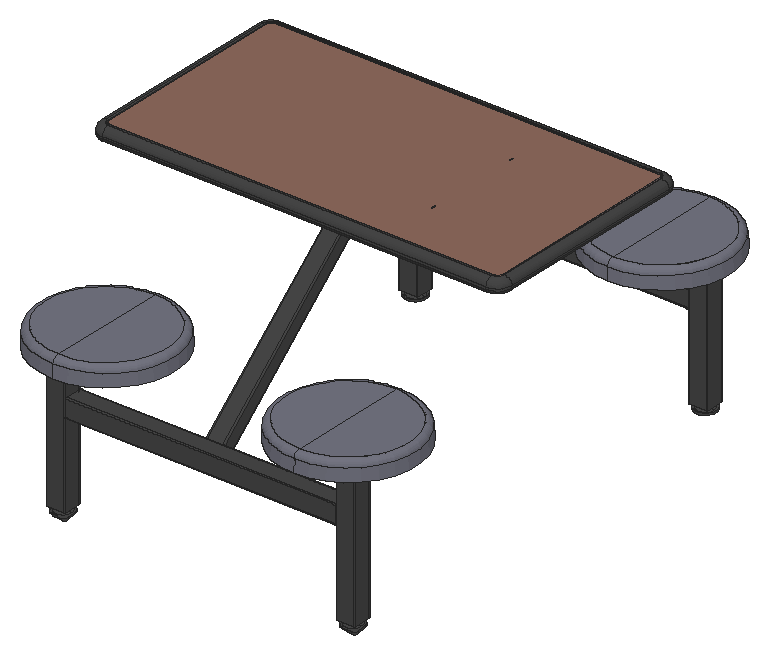
Revit family "Plymold-Essentials-Jupiter-4_Seat_Rectangular-Button", category Furniture, Revit 2021
Family settings
  OmniClass Number = 23.40.20.00
  OmniClass Title = General Furniture and Specialties
  Work Plane-Based = No
  Always vertical = Yes
  Cut with Voids When Loaded = No
  Shared = No
  Room Calculation Point = No
Parameters (values of type "JURE004DEBU")
  Width = 44"
  VE = no
  URL = "https://plymold.com/"
  Type Comments = "Button"  # constant formula
  Top Finish = PLY - Wood Mahogany
  TPD = no
  Sustainability = "https://plymold.com/plymolds-sustainability-efforts/"
  Support Finish = PLY - Onyx Black Powdercoat
  Seat Finish = PLY - Plastic Blue
  Revit File Built By = "https://servex-us.com/servex-revit/"
  Product Documentation Link = "https://plymold.com/product/jupiter-4-seat-rectangular-unit/"
  PVC = no
  Model = "JURE004DEBU"
  Manufacturer = "Plymold"  # constant formula
  Keynote = "12500"  # constant formula
  Height = 29 3/4"
  Hadware Finish = PLY - Onyx Black Powdercoat
  Glide Finish = PLY - Plastic Black
  Edge Finish = PLY - Plastic Black
  Description = "4 Seat Island Unit - Jupiter® Cluster w/Bullnose Dur-A-Edge® Table Top Unit - 44\"W x 50.5\"D x 29.75\"H"
  Depth = 57"
  Default Elevation = 0"
  DE = yes
  Base Finish = PLY - Onyx Black Powdercoat
  Assembly Code = "E2020200"
Reference planes (in)
  plane 1 "Center Front/Back": y = 0
  plane 2: z = 0
  plane 3 "Center Left/Right": x = 0
  plane 4: x = -22
  plane 5: x = 22
  plane 6: y = 28.5
  plane 7: y = -28.5
  plane 8: z = 29.75
Dimensions and locks (in)
  equal spacing: plane 4, plane 3 "Center Left/Right", plane 5
  "Width": plane 4 to plane 5
  equal spacing: plane 7, plane 1 "Center Front/Back", plane 6
  "Depth": plane 7 to plane 6
  "Height": plane 8 to plane 2
  aligned and locked: level to plane 2
  aligned and locked: plane 1 "Center Front/Back" to nested 1
  aligned and locked: plane 3 "Center Left/Right" to nested 1
  aligned and locked: plane 3 "Center Left/Right" to nested 2
  aligned and locked: plane 1 "Center Front/Back" to nested 2
  aligned and locked: nested 3 to nested 2  (x2)
  aligned and locked: nested 2 to nested 3
  aligned and locked: nested 4 to nested 2
  aligned and locked: nested 5 to nested 2
  aligned and locked: nested 2 to nested 6
  aligned and locked: nested 6 to nested 2
Nested families (in)
  nested 1: "PLM-Cafeteria_Top" at (0, 0, 29.75), DE <- "DE", TPD <- "TPD", VE <- "VE", Edge Finish <- "Edge Finish", Top Finish <- "Top Finish", PVC <- "PVC", type "PLM-Cafeteria_Top"
    with W 44", VE-void 1/8", VE no, Top Finish PLY - Wood Mahogany, TPD-void 1/8", TPD no, PVC-void 1/8", PVC no, Edge Finish PLY - Plastic Black, DE-void 1 3/4", DE yes, D 24"
  nested 2: "Base-4_Saet" at (0, 0, 0), Base Finish <- "Base Finish", Glides Finish <- "Glide Finish", Support Finish <- "Support Finish", type "Base-4_Saet"
    with Support Finish PLY - Onyx Black Powdercoat, Glides Finish PLY - Plastic Black, Base Finish PLY - Onyx Black Powdercoat
  nested 3: "Seat_Button" at (12.88574, -20.94766, 15.875), Hardware Finish <- "Hadware Finish", Seat Finish <- "Seat Finish", type "Seat_Button"
    with Seat Finish PLY - Plastic Blue, Hardware Finish PLY - Onyx Black Powdercoat
  nested 4: "Seat_Button" at (-12.88574, -20.94766, 15.875) x (-1, 0, 0) z (0, 0, 1), Hardware Finish <- "Hadware Finish", Seat Finish <- "Seat Finish", type "Seat_Button"
    with Seat Finish PLY - Plastic Blue, Hardware Finish PLY - Onyx Black Powdercoat
  nested 5: "Seat_Button" at (12.88574, 20.94766, 15.875), Hardware Finish <- "Hadware Finish", Seat Finish <- "Seat Finish", type "Seat_Button"
    with Seat Finish PLY - Plastic Blue, Hardware Finish PLY - Onyx Black Powdercoat
  nested 6: "Seat_Button" at (-12.88574, 20.94766, 15.875) x (-1, 0, 0) z (0, 0, 1), Hardware Finish <- "Hadware Finish", Seat Finish <- "Seat Finish", type "Seat_Button"
    with Seat Finish PLY - Plastic Blue, Hardware Finish PLY - Onyx Black Powdercoat
Definition of nested family "PLM-Cafeteria_Top"
  Parameters (values of type "PLM-Cafeteria_Top")
    W [instance] = 80"
    VE-void [instance] = if(VE, 1 3/4", 1/8")  # 1/8"
    VE [instance] = no
    Top Finish [instance] = none
    TPD-void [instance] = if(TPD, 1 3/4", 1/8")  # 1/8"
    TPD [instance] = no
    Revit Model Built By = "https://servex-us.com/servex-revit/"
    PVC-void [instance] = if(PVC, 1 3/4", 1/8")  # 1/8"
    PVC [instance] = no
    DE-void [instance] = if(DE, 1 3/4", 1/8")  # 1 3/4"
    DE [instance] = yes
    Edge Finish [instance] = none
    Default Elevation = 0"
    D [instance] = 30"
  Reference planes (in)
    plane 1 "Center (Front/Back)": y = 0
    plane 2: z = 0
    plane 3 "Center (Left/Right)": x = 0
    plane 4: x = -40
    plane 5: x = 40
    plane 6: y = 15
    plane 7: y = -15
    plane 8: z = -1.25
    plane 9: z = -1.5
  Forms (in)
    Extrusion 1, solid, material <- "Top Finish"
      sketch origin (0, 0, 0) x (1, 0, 0) y (0, 1, 0)
        loop
          line (-40, 15) -> (-40, -15) -> (40, -15) -> (40, 15) -> (-40, 15)
      from -1.25 to 0
    Sweep 2, solid, material <- "Edge Finish", visible <- "VE"
      path origin (0, 0, 0) x (1, 0, 0) y (0, 1, 0)
        loop
          arc (-36.75, 15) -> (-39.0481, 14.0481) -> (-40, 11.75) r 3.25
          line (-40, 11.75) -> (-40, -11.75)
          arc (-40, -11.75) -> (-39.0481, -14.0481) -> (-36.75, -15) r 3.25
          line (-36.75, -15) -> (36.75, -15)
          arc (36.75, -15) -> (39.0481, -14.0481) -> (40, -11.75) r 3.25
          line (40, -11.75) -> (40, 11.75)
          arc (40, 11.75) -> (39.0481, 14.0481) -> (36.75, 15) r 3.25
          line (36.75, 15) -> (-36.75, 15)
      profile origin (0, 15, 0) x (0, 1, 0) y (0, 0, 1)
        loop
          line (-0.25, 0) -> (-0.25, -1.25)
          arc (-0.25, -1.25) -> (0, -0.625) -> (-0.25, 0) r 0.90625
    Sweep 3, solid, material <- "Edge Finish", visible <- "TPD"
      path origin (0, 0, 0) x (1, 0, 0) y (0, 1, 0)
        loop
          arc (-39.5625, 15) -> (-39.87186, 14.87186) -> (-40, 14.5625) r 0.4375
          line (-40, 14.5625) -> (-40, -14.5625)
          arc (-40, -14.5625) -> (-39.87186, -14.87186) -> (-39.5625, -15) r 0.4375
          line (-39.5625, -15) -> (39.5625, -15)
          arc (39.5625, -15) -> (39.87186, -14.87186) -> (40, -14.5625) r 0.4375
          line (40, -14.5625) -> (40, 14.5625)
          arc (40, 14.5625) -> (39.87186, 14.87186) -> (39.5625, 15) r 0.4375
          line (39.5625, 15) -> (-39.5625, 15)
      profile origin (0, 15, 0) x (0, 1, 0) y (0, 0, 1)
        loop
          line (-0.1875, 0) -> (-0.1875, -1.25)
          arc (-0.1875, -1.25) -> (-0.05539, -1.19996) -> (0, -1.07) r 0.18015
          line (0, -1.07) -> (0, -0.18)
          arc (0, -0.18) -> (-0.05539, -0.05004) -> (-0.1875, 0) r 0.18015
    Extrusion 4, void
      sketch origin (0, 25.31884, -1.5) x (0, 1, 0) y (-1, 0, 0)
        loop
          line (-10.75634, 39.8125) -> (-39.88134, 39.8125)
          arc (-39.88134, 39.8125) -> (-40.05812, 39.73928) -> (-40.13134, 39.5625) r 0.25
          line (-40.13134, 39.5625) -> (-40.13134, -39.5625)
          arc (-40.13134, -39.5625) -> (-40.05812, -39.73928) -> (-39.88134, -39.8125) r 0.25
          line (-39.88134, -39.8125) -> (-10.75634, -39.8125)
          arc (-10.75634, -39.8125) -> (-10.57957, -39.73928) -> (-10.50634, -39.5625) r 0.25
          line (-10.50634, -39.5625) -> (-10.50634, 39.5625)
          arc (-10.50634, 39.5625) -> (-10.57957, 39.73928) -> (-10.75634, 39.8125) r 0.25
        loop
          line (-10.19384, 40.3125) -> (-40.63134, 40.3125) -> (-40.63134, -40.3125) -> (-10.19384, -40.3125) -> (-10.19384, 40.3125)
      from 0 to 0.125 <- "TPD-void"
    Extrusion 5, void
      sketch origin (0, 25.31884, -1.5) x (0, 1, 0) y (-1, 0, 0)
        loop
          line (-13.56884, 39.75) -> (-37.06884, 39.75)
          arc (-37.06884, 39.75) -> (-39.19016, 38.87132) -> (-40.06884, 36.75) r 3
          line (-40.06884, 36.75) -> (-40.06884, -36.75)
          arc (-40.06884, -36.75) -> (-39.19016, -38.87132) -> (-37.06884, -39.75) r 3
          line (-37.06884, -39.75) -> (-13.56884, -39.75)
          arc (-13.56884, -39.75) -> (-11.44752, -38.87132) -> (-10.56884, -36.75) r 3
          line (-10.56884, -36.75) -> (-10.56884, 36.75)
          arc (-10.56884, 36.75) -> (-11.44752, 38.87132) -> (-13.56884, 39.75) r 3
        loop
          line (-9.81884, 40.5) -> (-40.81884, 40.5) -> (-40.81884, -40.5) -> (-9.81884, -40.5) -> (-9.81884, 40.5)
      from 0 to 0.125 <- "VE-void"
    Sweep 6, solid, material <- "Edge Finish", visible <- "DE"
      path origin (0, 25.31884, -1.5) x (0, 1, 0) y (-1, 0, 0)
        loop
          arc (-10.31884, 38.5) -> (-10.75818, 39.56066) -> (-11.81884, 40) r 1.5
          line (-11.81884, 40) -> (-38.81884, 40)
          arc (-38.81884, 40) -> (-39.8795, 39.56066) -> (-40.31884, 38.5) r 1.5
          line (-40.31884, 38.5) -> (-40.31884, -38.5)
          arc (-40.31884, -38.5) -> (-39.8795, -39.56066) -> (-38.81884, -40) r 1.5
          line (-38.81884, -40) -> (-11.81884, -40)
          arc (-11.81884, -40) -> (-10.75818, -39.56066) -> (-10.31884, -38.5) r 1.5
          line (-10.31884, -38.5) -> (-10.31884, 38.5)
      profile origin (0, 15, -1.5) x (0, 1, 0) y (0, 0, 1)
        loop
          arc (0, 0.75) -> (-0.21967, 1.28033) -> (-0.75, 1.5) r 0.75
          line (-0.75, 1.5) -> (-0.94, 1.5) -> (-0.94, 0.25) -> (-0.25, 0.25)
          arc (-0.25, 0.25) -> (-0.07322, 0.32322) -> (0, 0.5) r 0.25
          line (0, 0.5) -> (0, 0.75)
    Extrusion 7, void
      sketch origin (0, 25.31884, -1.5) x (0, 1, 0) y (-1, 0, 0)
        loop
          line (-9.81884, 40.5) -> (-40.81884, 40.5) -> (-40.81884, -40.5) -> (-9.81884, -40.5) -> (-9.81884, 40.5)
        loop
          line (-11.81884, 39.06) -> (-38.81884, 39.06)
          arc (-38.81884, 39.06) -> (-39.21482, 38.89598) -> (-39.37884, 38.5) r 0.56
          line (-39.37884, 38.5) -> (-39.37884, -38.5)
          arc (-39.37884, -38.5) -> (-39.21482, -38.89598) -> (-38.81884, -39.06) r 0.56
          line (-38.81884, -39.06) -> (-11.81884, -39.06)
          arc (-11.81884, -39.06) -> (-11.42286, -38.89598) -> (-11.25884, -38.5) r 0.56
          line (-11.25884, -38.5) -> (-11.25884, 38.5)
          arc (-11.25884, 38.5) -> (-11.42286, 38.89598) -> (-11.81884, 39.06) r 0.56
      from 0 to 1.75 <- "DE-void"
    Sweep 8, solid, material <- "Edge Finish", visible <- "PVC"
      path origin (130, 0, 0) x (1, 0, 0) y (0, 1, 0)
        loop
          arc (-169.5625, 15) -> (-169.87186, 14.87186) -> (-170, 14.5625) r 0.4375
          line (-170, 14.5625) -> (-170, -14.5625)
          arc (-170, -14.5625) -> (-169.87186, -14.87186) -> (-169.5625, -15) r 0.4375
          line (-169.5625, -15) -> (-90.4375, -15)
          arc (-90.4375, -15) -> (-90.12814, -14.87186) -> (-90, -14.5625) r 0.4375
          line (-90, -14.5625) -> (-90, 14.5625)
          arc (-90, 14.5625) -> (-90.12814, 14.87186) -> (-90.4375, 15) r 0.4375
          line (-90.4375, 15) -> (-169.5625, 15)
      profile origin (0, 15, 0) x (0, 1, 0) y (0, 0, 1)
        loop
          line (-0.08, 0) -> (-0.08, -1.25)
          arc (-0.08, -1.25) -> (-0.02412, -1.23315) -> (0, -1.18) r 0.07063
          line (0, -1.18) -> (0, -0.07)
          arc (0, -0.07) -> (-0.02412, -0.01685) -> (-0.08, 0) r 0.07062
    Extrusion 9, void
      sketch origin (0, 25.31884, -1.5) x (0, 1, 0) y (-1, 0, 0)
        loop
          line (-10.75634, 39.92) -> (-39.88134, 39.92)
          arc (-39.88134, 39.92) -> (-40.13413, 39.81529) -> (-40.23884, 39.5625) r 0.3575
          line (-40.23884, 39.5625) -> (-40.23884, -39.5625)
          arc (-40.23884, -39.5625) -> (-40.13413, -39.81529) -> (-39.88134, -39.92) r 0.3575
          line (-39.88134, -39.92) -> (-10.75634, -39.92)
          arc (-10.75634, -39.92) -> (-10.50355, -39.81529) -> (-10.39884, -39.5625) r 0.3575
          line (-10.39884, -39.5625) -> (-10.39884, 39.5625)
          arc (-10.39884, 39.5625) -> (-10.50355, 39.81529) -> (-10.75634, 39.92) r 0.3575
        loop
          line (-10.08634, 40.3125) -> (-40.63134, 40.3125) -> (-40.63134, -40.3125) -> (-10.08634, -40.3125) -> (-10.08634, 40.3125)
      from 0 to 0.125 <- "PVC-void"
  Cuts and joins
    Extrusion 4, Extrusion 5, Extrusion 7, Extrusion 9 cuts Extrusion 1
  Lines and regions (in)
    symbolic lines, visible <- "TPD"
      curve 1: line (-39.5625, 15, -1.5) -> (39.5625, 15, -1.5)
      curve 2: line (-40, -14.5625, -1.5) -> (-40, 14.5625, -1.5)
      curve 3: line (39.5625, -15, -1.5) -> (-39.5625, -15, -1.5)
      curve 4: line (40, 14.5625, -1.5) -> (40, -14.5625, -1.5)
      curve 5: arc (-40, 14.5625, -1.5) -> (-39.87186, 14.87186, -1.5) -> (-39.5625, 15, -1.5) r 0.4375
      curve 6: arc (39.5625, 15, -1.5) -> (39.87186, 14.87186, -1.5) -> (40, 14.5625, -1.5) r 0.4375
      curve 7: arc (40, -14.5625, -1.5) -> (39.87186, -14.87186, -1.5) -> (39.5625, -15, -1.5) r 0.4375
      curve 8: arc (-39.5625, -15, -1.5) -> (-39.87186, -14.87186, -1.5) -> (-40, -14.5625, -1.5) r 0.4375
    symbolic lines, visible <- "DE"
      curve 9: line (38.5, 15, -1.5) -> (-38.5, 15, -1.5)
      curve 10: line (40, -13.5, -1.5) -> (40, 13.5, -1.5)
      curve 11: line (-38.5, -15, -1.5) -> (38.5, -15, -1.5)
      curve 12: line (-40, 13.5, -1.5) -> (-40, -13.5, -1.5)
      curve 13: arc (-38.5, 15, -1.5) -> (-39.56066, 14.56066, -1.5) -> (-40, 13.5, -1.5) r 1.5
      curve 14: arc (38.5, 15, -1.5) -> (39.56066, 14.56066, -1.5) -> (40, 13.5, -1.5) r 1.5
      curve 15: arc (40, -13.5, -1.5) -> (39.56066, -14.56066, -1.5) -> (38.5, -15, -1.5) r 1.5
      curve 16: arc (-38.5, -15, -1.5) -> (-39.56066, -14.56066, -1.5) -> (-40, -13.5, -1.5) r 1.5
    symbolic lines, visible <- "VE"
      curve 17: line (-36.75, 15, -1.5) -> (36.75, 15, -1.5)
      curve 18: line (-40, -11.75, -1.5) -> (-40, 11.75, -1.5)
      curve 19: line (36.75, -15, -1.5) -> (-36.75, -15, -1.5)
      curve 20: line (40, 11.75, -1.5) -> (40, -11.75, -1.5)
      curve 21: arc (-40, 11.75, -1.5) -> (-39.0481, 14.0481, -1.5) -> (-36.75, 15, -1.5) r 3.25
      curve 22: arc (36.75, 15, -1.5) -> (39.0481, 14.0481, -1.5) -> (40, 11.75, -1.5) r 3.25
      curve 23: arc (40, -11.75, -1.5) -> (39.0481, -14.0481, -1.5) -> (36.75, -15, -1.5) r 3.25
      curve 24: arc (-36.75, -15, -1.5) -> (-39.0481, -14.0481, -1.5) -> (-40, -11.75, -1.5) r 3.25
    symbolic lines, visible <- "PVC"
      curve 25: line (-39.5625, 15, -1.5) -> (39.5625, 15, -1.5)
      curve 26: line (-40, -14.5625, -1.5) -> (-40, 14.5625, -1.5)
      curve 27: line (39.5625, -15, -1.5) -> (-39.5625, -15, -1.5)
      curve 28: line (40, 14.5625, -1.5) -> (40, -14.5625, -1.5)
      curve 29: arc (-40, 14.5625, -1.5) -> (-39.87186, 14.87186, -1.5) -> (-39.5625, 15, -1.5) r 0.4375
      curve 30: arc (39.5625, 15, -1.5) -> (39.87186, 14.87186, -1.5) -> (40, 14.5625, -1.5) r 0.4375
      curve 31: arc (40, -14.5625, -1.5) -> (39.87186, -14.87186, -1.5) -> (39.5625, -15, -1.5) r 0.4375
      curve 32: arc (-39.5625, -15, -1.5) -> (-39.87186, -14.87186, -1.5) -> (-40, -14.5625, -1.5) r 0.4375
  Dimensions and locks (in)
    equal spacing: plane 4, plane 3 "Center (Left/Right)", plane 5
    equal spacing: plane 6, plane 1 "Center (Front/Back)", plane 7
    "D": plane 6 to plane 7
    "W": plane 4 to plane 5
    locked: profile plane to Sweep 2 sketch curve at 0.90625
    locked: plane 2 to plane 8 at 1.25
    locked: plane 4 to Sweep 3 sketch curve at 0.4375  (x2)
    locked: Sweep 3 sketch curve to plane 5 at 0.4375  (x2)
    locked: plane 2 to Sweep 3 sketch curve at 0.18
    locked: Sweep 3 sketch curve to plane 8 at 0.18
    locked: plane 6 to Sweep 3 sketch curve at 0.1875
    locked: plane 8 to plane 9 at 0.25
    locked: plane 4 to Extrusion 4 sketch curve at 0.4375  (x2)
    locked: Extrusion 4 sketch curve to plane 5 at 0.4375  (x2)
    locked: plane 4 to Extrusion 4 sketch curve at 0.1875
    locked: plane 6 to Extrusion 4 sketch curve at 0.1875
    locked: Extrusion 4 sketch curve to plane 7 at 0.1875
    locked: Extrusion 4 sketch curve to plane 5 at 0.1875
    locked: Extrusion 4 sketch curve to plane 4 at 0.3125
    locked: plane 5 to Extrusion 4 sketch curve at 0.3125
    Extrusion 4 sketch curve to plane 6 = 1/8"
    locked: plane 7 to Extrusion 4 sketch curve at 0.3125
    locked: Extrusion 4 sketch curve to Extrusion 4 sketch curve at 0.3125
    locked: Extrusion 5 sketch curve to plane 7 at 0.25
    locked: Extrusion 5 sketch curve to plane 5 at 0.25
    locked: plane 6 to Extrusion 5 sketch curve at 0.25
    locked: Extrusion 5 sketch curve to plane 4 at 0.5
    locked: plane 7 to Extrusion 5 sketch curve at 0.5
    locked: plane 5 to Extrusion 5 sketch curve at 0.5
    locked: Extrusion 7 sketch curve to plane 4 at 0.5
    locked: plane 5 to Extrusion 7 sketch curve at 0.5
    locked: plane 7 to Extrusion 7 sketch curve at 0.5
    locked: Extrusion 7 sketch curve to plane 6 at 0.5
    locked: plane 4 to Sweep 2 sketch curve at 3.25  (x2)
    locked: Sweep 2 sketch curve to plane 5 at 3.25  (x2)
    locked: plane 4 to Extrusion 5 sketch curve at 3.25
    locked: Extrusion 5 sketch curve to plane 5 at 3.25  (x2)
    plane 4 to Extrusion 5 sketch curve = 3 1/4"
    locked: plane 4 to Sweep 6 sketch curve at 1.5  (x2)
    locked: Sweep 6 sketch curve to plane 5 at 1.5  (x2)
    locked: plane 2 to Sweep 6 sketch curve at 0.75
    locked: Sweep 6 sketch curve to plane 8 at 0.25
    locked: plane 6 to Sweep 6 sketch curve at 0.75
    locked: plane 6 to Sweep 6 sketch curve at 0.94
    locked: plane 4 to curve 5 at 0.4375
    locked: plane 4 to curve 8 at 0.4375
    locked: curve 8 to plane 7 at 0.4375
    locked: plane 6 to curve 5 at 0.4375
    locked: curve 6 to plane 5 at 0.4375
    locked: curve 7 to plane 5 at 0.4375
    locked: curve 7 to plane 7 at 0.4375
    locked: plane 6 to curve 6 at 0.4375
    locked: curve 15 to plane 5 at 1.5
    locked: curve 15 to plane 7 at 1.5
    locked: plane 6 to curve 14 at 1.5
    locked: curve 14 to plane 5 at 1.5
    locked: plane 4 to curve 13 at 1.5
    locked: plane 6 to curve 13 at 1.5
    locked: curve 16 to plane 7 at 1.5
    locked: plane 4 to curve 16 at 1.5
    locked: plane 4 to curve 21 at 3.25
    locked: plane 6 to curve 21 at 3.25
    locked: curve 24 to plane 7 at 3.25
    locked: plane 4 to curve 24 at 3.25
    locked: curve 23 to plane 5 at 3.25
    locked: curve 23 to plane 7 at 3.25
    locked: plane 6 to curve 22 at 3.25
    locked: curve 22 to plane 5 at 3.25
    locked: plane 2 to Sweep 8 sketch curve at 0.07
    locked: Sweep 8 sketch curve to plane 8 at 0.07
    locked: Extrusion 9 sketch curve to Extrusion 9 sketch curve at 0.3125
    locked: plane 4 to Extrusion 9 sketch curve at 0.08
    locked: Extrusion 9 sketch curve to plane 4 at 0.3125
    locked: Extrusion 9 sketch curve to plane 7 at 0.08
    locked: plane 7 to Extrusion 9 sketch curve at 0.3125
    locked: Extrusion 9 sketch curve to plane 5 at 0.08
    locked: plane 5 to Extrusion 9 sketch curve at 0.3125
    locked: plane 6 to Extrusion 9 sketch curve at 0.08
    Extrusion 9 sketch curve to plane 6 = 0.2325"
    aligned and locked: plane 2 to level
    aligned and locked: Sweep 2 sketch curve to plane 6
    aligned and locked: plane 4 to Sweep 2 sketch curve
    aligned and locked: plane 7 to Sweep 2 sketch curve
    aligned and locked: Sweep 2 sketch curve to plane 5
    aligned and locked: profile plane to Sweep 2 sketch curve
    aligned and locked: plane 8 to Sweep 2 sketch curve
    aligned and locked: plane 2 to Extrusion 1
    aligned and locked: Extrusion 1 to plane 8
    aligned and locked: plane 9 to Extrusion 4
    aligned and locked: plane 9 to Extrusion 5
    aligned and locked: Sweep 6 sketch curve to plane 6
    aligned and locked: plane 4 to Sweep 6 sketch curve
    aligned and locked: plane 7 to Sweep 6 sketch curve
    aligned and locked: Sweep 6 sketch curve to plane 5
    aligned and locked: plane 9 to Extrusion 7
    aligned and locked: Extrusion 5 sketch curve to Sweep 2
    aligned and locked: Extrusion 7 sketch curve to Sweep 6  (x4)
    aligned and locked: plane 4 to curve 2
    aligned and locked: plane 6 to curve 9
    aligned and locked: plane 5 to curve 10
    aligned and locked: curve 11 to plane 7
    aligned and locked: curve 12 to plane 4
    aligned and locked: curve 17 to plane 6
    aligned and locked: plane 4 to curve 18
    aligned and locked: plane 7 to curve 19
    aligned and locked: curve 20 to plane 5
    aligned and locked: plane 4 to Sweep 8 sketch curve
    aligned and locked: Sweep 8 sketch curve to plane 5
    aligned and locked: Sweep 8 sketch curve to plane 6
    aligned and locked: plane 7 to Sweep 8 sketch curve
    aligned and locked: plane 9 to Extrusion 9
    aligned and locked: curve 25 to plane 6
    aligned and locked: plane 7 to curve 27
    aligned and locked: curve 28 to plane 5
  Automatic sketch dimensions
    Extrusion 1 sketch curve to plane 4 = 0"
    Extrusion 1 sketch curve to plane 5 = 0"
    Extrusion 1 sketch curve to plane 7 = 0"
    Extrusion 1 sketch curve to plane 6 = 0"
    profile plane to Sweep 2 sketch curve = 1/4"
    Sweep 3 sketch curve to plane 4 = 0"
    Sweep 3 sketch curve to plane 5 = 0"
    Sweep 3 sketch curve to plane 7 = 0"
    Sweep 3 sketch curve to plane 6 = 0"
    plane 6 to Extrusion 5 sketch curve = 1/2"
    plane 4 to Sweep 8 sketch curve = 7/16"  (x2)
    Sweep 8 sketch curve to Sweep 8 sketch curve = 7/16"
    Sweep 8 sketch curve to plane 5 = 7/16"
    Extrusion 9 sketch curve to Extrusion 9 sketch curve = 0.3575"
    plane 7 to Extrusion 9 sketch curve = 7/16"
    Extrusion 9 sketch curve to plane 6 = 7/16"  (x2)
    Sweep 3 sketch curve to profile plane = 0"
    Sweep 3 sketch curve to plane 2 = 0"
    Sweep 3 sketch curve to Sweep 3 sketch curve = 0.00735"
    Sweep 6 sketch curve to profile plane = 0"
    plane 9 to Sweep 6 sketch curve = 1/4"
    Sweep 8 sketch curve to plane 2 = 0"
    Sweep 8 sketch curve to profile plane = 0"
    Sweep 8 sketch curve to Sweep 8 sketch curve = 0.07062"
    Sweep 8 sketch curve to Sweep 8 sketch curve = 0.00937"
Definition of nested family "Base-4_Saet"
  Parameters (values of type "Base-4_Saet")
    Top Thickness = 1 1/4"
    Support Finish [instance] = none
    H = 29 3/4"
    Glides Finish [instance] = none
    Default Elevation = 0"
    Cap Finish = none
    Base Finish [instance] = none
  Reference planes (in)
    plane 1 "Center (Front/Back)": y = 0
    plane 2: z = 0
    plane 3 "Center (Left/Right)": x = 0
    plane 4: z = 28.5
    plane 5: z = 11.625
    plane 6: z = 9.625
    plane 7: z = 15.625
    plane 8: z = 15.875
    plane 9: x = -16.5
    plane 10: x = 16.5
    plane 11: y = -22.56342
    plane 12: y = -24.56342
    plane 13: y = 22.56342
    plane 14: y = 24.56342
    plane 15: x = -1
    plane 16: x = 1
    plane 17: y = -20.94766
    plane 18: z = 29.75
    plane 19: x = 12.88574
    plane 20: y = -20.94766
    plane 21: x = -12.88574
    plane 22: y = 20.94766
    plane 23: x = -12.88574
    plane 24: y = 20.94766
    plane 25: x = 12.88574
  Forms (in)
    Extrusion 1, solid, material <- "Base Finish"
      sketch origin (0, 0, 15.875) x (1, 0, 0) y (0, 1, 0)
        loop
          arc (-16.39844, 24.56342) -> (-16.47025, 24.53367) -> (-16.5, 24.46186) r 0.10156
          line (-16.5, 24.46186) -> (-16.5, 22.66327)
          arc (-16.5, 22.66327) -> (-16.47075, 22.59266) -> (-16.40015, 22.56342) r 0.09985
          line (-16.40015, 22.56342) -> (-14.5997, 22.56342)
          arc (-14.5997, 22.56342) -> (-14.5292, 22.59262) -> (-14.5, 22.66312) r 0.0997
          line (-14.5, 22.66312) -> (-14.5, 24.46327)
          arc (-14.5, 24.46327) -> (-14.52933, 24.53408) -> (-14.60015, 24.56342) r 0.10015
          line (-14.60015, 24.56342) -> (-16.39844, 24.56342)
        loop
          line (16.39844, 24.56342) -> (14.60015, 24.56342)
          arc (14.60015, 24.56342) -> (14.52933, 24.53408) -> (14.5, 24.46327) r 0.10015
          line (14.5, 24.46327) -> (14.5, 22.66312)
          arc (14.5, 22.66312) -> (14.5292, 22.59262) -> (14.5997, 22.56342) r 0.0997
          line (14.5997, 22.56342) -> (16.40015, 22.56342)
          arc (16.40015, 22.56342) -> (16.47075, 22.59266) -> (16.5, 22.66327) r 0.09985
          line (16.5, 22.66327) -> (16.5, 24.46186)
          arc (16.5, 24.46186) -> (16.47025, 24.53367) -> (16.39844, 24.56342) r 0.10156
        loop
          line (-16.39844, -24.56342) -> (-14.60015, -24.56342)
          arc (-14.60015, -24.56342) -> (-14.52933, -24.53408) -> (-14.5, -24.46327) r 0.10015
          line (-14.5, -24.46327) -> (-14.5, -22.66312)
          arc (-14.5, -22.66312) -> (-14.5292, -22.59262) -> (-14.5997, -22.56342) r 0.0997
          line (-14.5997, -22.56342) -> (-16.40015, -22.56342)
          arc (-16.40015, -22.56342) -> (-16.47075, -22.59266) -> (-16.5, -22.66327) r 0.09985
          line (-16.5, -22.66327) -> (-16.5, -24.46186)
          arc (-16.5, -24.46186) -> (-16.47025, -24.53367) -> (-16.39844, -24.56342) r 0.10156
        loop
          arc (16.39844, -24.56342) -> (16.47025, -24.53367) -> (16.5, -24.46186) r 0.10156
          line (16.5, -24.46186) -> (16.5, -22.66327)
          arc (16.5, -22.66327) -> (16.47075, -22.59266) -> (16.40015, -22.56342) r 0.09985
          line (16.40015, -22.56342) -> (14.5997, -22.56342)
          arc (14.5997, -22.56342) -> (14.5292, -22.59262) -> (14.5, -22.66312) r 0.0997
          line (14.5, -22.66312) -> (14.5, -24.46327)
          arc (14.5, -24.46327) -> (14.52933, -24.53408) -> (14.60015, -24.56342) r 0.10015
          line (14.60015, -24.56342) -> (16.39844, -24.56342)
      from -15.312 to -0.25
    Extrusion 2, solid, material <- "Base Finish"
      sketch origin (0, 0, 0) x (0, 1, 0) y (0, 0, 1)
        loop
          line (24.46375, 11.625) -> (22.66498, 11.625)
          arc (22.66498, 11.625) -> (22.59317, 11.59525) -> (22.56342, 11.52344) r 0.10156
          line (22.56342, 11.52344) -> (22.56342, 9.72656)
          arc (22.56342, 9.72656) -> (22.59317, 9.65475) -> (22.66498, 9.625) r 0.10156
          line (22.66498, 9.625) -> (24.46186, 9.625)
          arc (24.46186, 9.625) -> (24.53367, 9.65475) -> (24.56342, 9.72656) r 0.10156
          line (24.56342, 9.72656) -> (24.56342, 11.52533)
          arc (24.56342, 11.52533) -> (24.53423, 11.59581) -> (24.46375, 11.625) r 0.09967
        loop
          arc (-24.46375, 11.625) -> (-24.53423, 11.59581) -> (-24.56342, 11.52533) r 0.09967
          line (-24.56342, 11.52533) -> (-24.56342, 9.72656)
          arc (-24.56342, 9.72656) -> (-24.53367, 9.65475) -> (-24.46186, 9.625) r 0.10156
          line (-24.46186, 9.625) -> (-22.66498, 9.625)
          arc (-22.66498, 9.625) -> (-22.59317, 9.65475) -> (-22.56342, 9.72656) r 0.10156
          line (-22.56342, 9.72656) -> (-22.56342, 11.52344)
          arc (-22.56342, 11.52344) -> (-22.59317, 11.59525) -> (-22.66498, 11.625) r 0.10156
          line (-22.66498, 11.625) -> (-24.46375, 11.625)
      from -14.5 to 14.5
    Blend 3, solid, material <- "Base Finish"
      base sketch origin (0, 0, 0) x (1, 0, 0) y (0, 0, 1)
        loop
          arc (-0.81831, 11.625) -> (-0.94678, 11.57178) -> (-1, 11.44331) r 0.18169
          line (-1, 11.44331) -> (-1, 9.81)
          arc (-1, 9.81) -> (-0.94582, 9.67918) -> (-0.815, 9.625) r 0.185
          line (-0.815, 9.625) -> (0.815, 9.625)
          arc (0.815, 9.625) -> (0.94582, 9.67918) -> (1, 9.81) r 0.185
          line (1, 9.81) -> (1, 11.44331)
          arc (1, 11.44331) -> (0.94678, 11.57178) -> (0.81831, 11.625) r 0.18169
          line (0.81831, 11.625) -> (-0.81831, 11.625)
      top sketch origin (0, 0, 0) x (1, 0, 0) y (0, 0, 1)
        loop
          arc (-0.81831, 28.3655) -> (-0.94678, 28.31228) -> (-1, 28.18381) r 0.18169
          line (-1, 28.18381) -> (-1, 26.55211)
          arc (-1, 26.55211) -> (-0.94582, 26.4213) -> (-0.815, 26.36711) r 0.185
          line (-0.815, 26.36711) -> (0.81649, 26.36711)
          arc (0.81649, 26.36711) -> (0.94625, 26.42086) -> (1, 26.55062) r 0.18351
          line (1, 26.55062) -> (1, 28.1822)
          arc (1, 28.1822) -> (0.94631, 28.31181) -> (0.8167, 28.3655) r 0.1833
          line (0.8167, 28.3655) -> (-0.81831, 28.3655)
      from 22.56342 to 3.1345
    Blend 4, solid, material <- "Base Finish"
      base sketch origin (0, -28, 0) x (1, 0, 0) y (0, 0, 1)
        loop
          arc (-0.81831, 11.625) -> (-0.94678, 11.57178) -> (-1, 11.44331) r 0.18169
          line (-1, 11.44331) -> (-1, 9.81)
          arc (-1, 9.81) -> (-0.94582, 9.67918) -> (-0.815, 9.625) r 0.185
          line (-0.815, 9.625) -> (0.81649, 9.625)
          arc (0.81649, 9.625) -> (0.94625, 9.67875) -> (1, 9.80851) r 0.18351
          line (1, 9.80851) -> (1, 11.44331)
          arc (1, 11.44331) -> (0.94678, 11.57178) -> (0.81831, 11.625) r 0.18169
          line (0.81831, 11.625) -> (-0.81831, 11.625)
      top sketch origin (0, -28, 0) x (1, 0, 0) y (0, 0, 1)
        loop
          arc (-0.81831, 28.3655) -> (-0.94678, 28.31228) -> (-1, 28.18381) r 0.18169
          line (-1, 28.18381) -> (-1, 26.55211)
          arc (-1, 26.55211) -> (-0.94582, 26.4213) -> (-0.815, 26.36711) r 0.185
          line (-0.815, 26.36711) -> (0.815, 26.36711)
          arc (0.815, 26.36711) -> (0.94582, 26.4213) -> (1, 26.55211) r 0.185
          line (1, 26.55211) -> (1, 28.18381)
          arc (1, 28.18381) -> (0.94678, 28.31228) -> (0.81831, 28.3655) r 0.18169
          line (0.81831, 28.3655) -> (-0.81831, 28.3655)
      from -50.56342 to -31.1345
    Extrusion 5, solid, material <- "Support Finish"
      sketch origin (0, 0, 0) x (1, 0, 0) y (0, 0, 1)
        loop
          arc (-3.56213, 27.643) -> (-3.69497, 27.58797) -> (-3.75, 27.45513) r 0.18787
          line (-3.75, 27.45513) -> (-3.75, 26.33018)
          arc (-3.75, 26.33018) -> (-3.69518, 26.19782) -> (-3.56282, 26.143) r 0.18718
          line (-3.56282, 26.143) -> (-2.43607, 26.143)
          arc (-2.43607, 26.143) -> (-2.3045, 26.1975) -> (-2.25, 26.32907) r 0.18607
          line (-2.25, 26.32907) -> (-2.25, 27.45786)
          arc (-2.25, 27.45786) -> (-2.30423, 27.58877) -> (-2.43514, 27.643) r 0.18514
          line (-2.43514, 27.643) -> (-3.56213, 27.643)
        loop
          line (3.56213, 27.643) -> (2.43514, 27.643)
          arc (2.43514, 27.643) -> (2.30423, 27.58877) -> (2.25, 27.45786) r 0.18514
          line (2.25, 27.45786) -> (2.25, 26.32907)
          arc (2.25, 26.32907) -> (2.3045, 26.1975) -> (2.43607, 26.143) r 0.18607
          line (2.43607, 26.143) -> (3.56282, 26.143)
          arc (3.56282, 26.143) -> (3.69518, 26.19782) -> (3.75, 26.33018) r 0.18718
          line (3.75, 26.33018) -> (3.75, 27.45513)
          arc (3.75, 27.45513) -> (3.69497, 27.58797) -> (3.56213, 27.643) r 0.18787
      from -3 to 3
    Extrusion 6, solid, material <- "Support Finish"
      sketch origin (27.125, -0.06084, 0) x (-1, 0, 0) y (0, -1, 0)
        loop
          line (12.95559, 19.23032) -> (15.52294, 19.23032)
          arc (15.52294, 19.23032) -> (15.78786, 19.34006) -> (15.8976, 19.60498) r 0.37466
          line (15.8976, 19.60498) -> (15.8976, 22.16867)
          arc (15.8976, 22.16867) -> (15.86907, 22.3121) -> (15.78782, 22.43369) r 0.37479
          line (15.78782, 22.43369) -> (15.44367, 22.77785)
          arc (15.44367, 22.77785) -> (15.28244, 22.87269) -> (15.09544, 22.87725) r 0.37268
          arc (15.09544, 22.87725) -> (14.75103, 22.88565) -> (14.45408, 23.06032) r 0.68639
          line (14.45408, 23.06032) -> (14.30964, 23.20477)
          arc (14.30964, 23.20477) -> (14.18136, 23.38243) -> (14.11551, 23.59142) r 0.6875
          line (14.11551, 23.59142) -> (14.04527, 24.07169)
          arc (14.04527, 24.07169) -> (14.00951, 24.18518) -> (13.93985, 24.28166) r 0.37334
          line (13.93985, 24.28166) -> (13.57445, 24.64706)
          arc (13.57445, 24.64706) -> (13.45609, 24.72615) -> (13.31648, 24.75392) r 0.36482
          line (13.31648, 24.75392) -> (10.74836, 24.75392)
          arc (10.74836, 24.75392) -> (10.48365, 24.64427) -> (10.374, 24.37955) r 0.37436
          line (10.374, 24.37955) -> (10.374, 21.81566)
          arc (10.374, 21.81566) -> (10.40255, 21.67215) -> (10.48383, 21.55049) r 0.375
          line (10.48383, 21.55049) -> (10.84587, 21.18845)
          arc (10.84587, 21.18845) -> (10.94278, 21.11849) -> (11.05678, 21.08257) r 0.375
          line (11.05678, 21.08257) -> (11.5365, 21.01241)
          arc (11.5365, 21.01241) -> (11.74549, 20.94656) -> (11.92315, 20.81828) r 0.6875
          line (11.92315, 20.81828) -> (12.0674, 20.67403)
          arc (12.0674, 20.67403) -> (12.2418, 20.37827) -> (12.25126, 20.03504) r 0.68688
          arc (12.25126, 20.03504) -> (12.25649, 19.84503) -> (12.35305, 19.68128) r 0.38027
          line (12.35305, 19.68128) -> (12.69682, 19.33751)
          arc (12.69682, 19.33751) -> (12.81555, 19.25818) -> (12.95559, 19.23032) r 0.36596
      from 15.625 to 15.875
    Extrusion 7, solid, material <- "Support Finish"
      sketch origin (27.125, 0.06084, 0) x (-1, 0, 0) y (0, -1, 0)
        loop
          arc (12.95559, -19.23032) -> (12.81555, -19.25818) -> (12.69682, -19.33751) r 0.36596
          line (12.69682, -19.33751) -> (12.35305, -19.68128)
          arc (12.35305, -19.68128) -> (12.25649, -19.84503) -> (12.25126, -20.03504) r 0.38027
          arc (12.25126, -20.03504) -> (12.2418, -20.37827) -> (12.0674, -20.67403) r 0.68688
          line (12.0674, -20.67403) -> (11.92315, -20.81828)
          arc (11.92315, -20.81828) -> (11.74549, -20.94656) -> (11.5365, -21.01241) r 0.6875
          line (11.5365, -21.01241) -> (11.05678, -21.08257)
          arc (11.05678, -21.08257) -> (10.94278, -21.11849) -> (10.84587, -21.18845) r 0.375
          line (10.84587, -21.18845) -> (10.48383, -21.55049)
          arc (10.48383, -21.55049) -> (10.40255, -21.67215) -> (10.374, -21.81566) r 0.375
          line (10.374, -21.81566) -> (10.374, -24.37955)
          arc (10.374, -24.37955) -> (10.48365, -24.64427) -> (10.74836, -24.75392) r 0.37436
          line (10.74836, -24.75392) -> (13.31648, -24.75392)
          arc (13.31648, -24.75392) -> (13.45609, -24.72615) -> (13.57445, -24.64706) r 0.36482
          line (13.57445, -24.64706) -> (13.93985, -24.28166)
          arc (13.93985, -24.28166) -> (14.00951, -24.18518) -> (14.04527, -24.07169) r 0.37334
          line (14.04527, -24.07169) -> (14.11551, -23.59142)
          arc (14.11551, -23.59142) -> (14.18136, -23.38243) -> (14.30964, -23.20477) r 0.6875
          line (14.30964, -23.20477) -> (14.45408, -23.06032)
          arc (14.45408, -23.06032) -> (14.75103, -22.88565) -> (15.09544, -22.87725) r 0.68639
          arc (15.09544, -22.87725) -> (15.28244, -22.87269) -> (15.44367, -22.77785) r 0.37268
          line (15.44367, -22.77785) -> (15.78782, -22.43369)
          arc (15.78782, -22.43369) -> (15.86907, -22.3121) -> (15.8976, -22.16867) r 0.37479
          line (15.8976, -22.16867) -> (15.8976, -19.60498)
          arc (15.8976, -19.60498) -> (15.78786, -19.34006) -> (15.52294, -19.23032) r 0.37466
          line (15.52294, -19.23032) -> (12.95559, -19.23032)
      from 15.625 to 15.875
    Extrusion 8, solid, material <- "Support Finish"
      sketch origin (-27.125, -0.06084, 0) x (1, 0, 0) y (0, 1, 0)
        loop
          arc (12.95559, -19.23032) -> (12.81555, -19.25818) -> (12.69682, -19.33751) r 0.36596
          line (12.69682, -19.33751) -> (12.35305, -19.68128)
          arc (12.35305, -19.68128) -> (12.25649, -19.84503) -> (12.25126, -20.03504) r 0.38027
          arc (12.25126, -20.03504) -> (12.2418, -20.37827) -> (12.0674, -20.67403) r 0.68688
          line (12.0674, -20.67403) -> (11.92315, -20.81828)
          arc (11.92315, -20.81828) -> (11.74549, -20.94656) -> (11.5365, -21.01241) r 0.6875
          line (11.5365, -21.01241) -> (11.05678, -21.08257)
          arc (11.05678, -21.08257) -> (10.94278, -21.11849) -> (10.84587, -21.18845) r 0.375
          line (10.84587, -21.18845) -> (10.48383, -21.55049)
          arc (10.48383, -21.55049) -> (10.40255, -21.67215) -> (10.374, -21.81566) r 0.375
          line (10.374, -21.81566) -> (10.374, -24.37955)
          arc (10.374, -24.37955) -> (10.48365, -24.64427) -> (10.74836, -24.75392) r 0.37436
          line (10.74836, -24.75392) -> (13.31648, -24.75392)
          arc (13.31648, -24.75392) -> (13.45609, -24.72615) -> (13.57445, -24.64706) r 0.36482
          line (13.57445, -24.64706) -> (13.93985, -24.28166)
          arc (13.93985, -24.28166) -> (14.00951, -24.18518) -> (14.04527, -24.07169) r 0.37334
          line (14.04527, -24.07169) -> (14.11551, -23.59142)
          arc (14.11551, -23.59142) -> (14.18136, -23.38243) -> (14.30964, -23.20477) r 0.6875
          line (14.30964, -23.20477) -> (14.45408, -23.06032)
          arc (14.45408, -23.06032) -> (14.75103, -22.88565) -> (15.09544, -22.87725) r 0.68639
          arc (15.09544, -22.87725) -> (15.28244, -22.87269) -> (15.44367, -22.77785) r 0.37268
          line (15.44367, -22.77785) -> (15.78782, -22.43369)
          arc (15.78782, -22.43369) -> (15.86907, -22.3121) -> (15.8976, -22.16867) r 0.37479
          line (15.8976, -22.16867) -> (15.8976, -19.60498)
          arc (15.8976, -19.60498) -> (15.78786, -19.34006) -> (15.52294, -19.23032) r 0.37466
          line (15.52294, -19.23032) -> (12.95559, -19.23032)
      from 15.625 to 15.875
    Extrusion 9, solid, material <- "Support Finish"
      sketch origin (-27.125, 0.06084, 0) x (1, 0, 0) y (0, 1, 0)
        loop
          line (12.95559, 19.23032) -> (15.52294, 19.23032)
          arc (15.52294, 19.23032) -> (15.78786, 19.34006) -> (15.8976, 19.60498) r 0.37466
          line (15.8976, 19.60498) -> (15.8976, 22.16867)
          arc (15.8976, 22.16867) -> (15.86907, 22.3121) -> (15.78782, 22.43369) r 0.37479
          line (15.78782, 22.43369) -> (15.44367, 22.77785)
          arc (15.44367, 22.77785) -> (15.28244, 22.87269) -> (15.09544, 22.87725) r 0.37268
          arc (15.09544, 22.87725) -> (14.75103, 22.88565) -> (14.45408, 23.06032) r 0.68639
          line (14.45408, 23.06032) -> (14.30964, 23.20477)
          arc (14.30964, 23.20477) -> (14.18136, 23.38243) -> (14.11551, 23.59142) r 0.6875
          line (14.11551, 23.59142) -> (14.04527, 24.07169)
          arc (14.04527, 24.07169) -> (14.00951, 24.18518) -> (13.93985, 24.28166) r 0.37334
          line (13.93985, 24.28166) -> (13.57445, 24.64706)
          arc (13.57445, 24.64706) -> (13.45609, 24.72615) -> (13.31648, 24.75392) r 0.36482
          line (13.31648, 24.75392) -> (10.74836, 24.75392)
          arc (10.74836, 24.75392) -> (10.48365, 24.64427) -> (10.374, 24.37955) r 0.37436
          line (10.374, 24.37955) -> (10.374, 21.81566)
          arc (10.374, 21.81566) -> (10.40255, 21.67215) -> (10.48383, 21.55049) r 0.375
          line (10.48383, 21.55049) -> (10.84587, 21.18845)
          arc (10.84587, 21.18845) -> (10.94278, 21.11849) -> (11.05678, 21.08257) r 0.375
          line (11.05678, 21.08257) -> (11.5365, 21.01241)
          arc (11.5365, 21.01241) -> (11.74549, 20.94656) -> (11.92315, 20.81828) r 0.6875
          line (11.92315, 20.81828) -> (12.0674, 20.67403)
          arc (12.0674, 20.67403) -> (12.2418, 20.37827) -> (12.25126, 20.03504) r 0.68688
          arc (12.25126, 20.03504) -> (12.25649, 19.84503) -> (12.35305, 19.68128) r 0.38027
          line (12.35305, 19.68128) -> (12.69682, 19.33751)
          arc (12.69682, 19.33751) -> (12.81555, 19.25818) -> (12.95559, 19.23032) r 0.36596
      from 15.625 to 15.875
    Extrusion 10, solid, material <- "Glides Finish"
      sketch origin (-3.99916, -0.06077, 15.875) x (1, 0, 0) y (0, 1, 0)
        loop
          line (19.32723, -24.61465) -> (20.4222, -24.78425)
          arc (20.4222, -24.78425) -> (20.69281, -24.69581) -> (20.78125, -24.4252) r 0.3146
          line (20.78125, -24.4252) -> (20.61165, -23.33023)
          arc (20.61165, -23.33023) -> (18.70369, -22.70669) -> (19.32723, -24.61465) r 1.12543
      from -15.875 to -15.725
    Revolve 11, solid, material <- "Glides Finish"
      sketch origin (-3.99916, -23.56326, 0) x (1, 0, 0) y (0, 0, 1)
        loop
          line (19.31166, 0.5) -> (19.12511, 0.5)
          arc (19.12511, 0.5) -> (18.91806, 0.25836) -> (18.61886, 0.15) r 0.62492
          line (18.61886, 0.15) -> (19.49916, 0.15) -> (19.49916, 0.563) -> (19.31166, 0.563) -> (19.31166, 0.5)
        axis (19.49916, 0.563) -> (19.49916, 0.15)
      angle from 0 to 360
    Extrusion 12, solid, material <- "Glides Finish"
      sketch origin (3.99916, 0.06081, 15.875) x (-1, 0, 0) y (0, -1, 0)
        loop
          line (19.32723, -24.61465) -> (20.4222, -24.78425)
          arc (20.4222, -24.78425) -> (20.69281, -24.69581) -> (20.78125, -24.4252) r 0.3146
          line (20.78125, -24.4252) -> (20.61165, -23.33023)
          arc (20.61165, -23.33023) -> (18.70369, -22.70669) -> (19.32723, -24.61465) r 1.12543
      from -15.875 to -15.725
    Revolve 13, solid, material <- "Glides Finish"
      sketch origin (3.99916, 23.5633, 0) x (-1, 0, 0) y (0, 0, 1)
        loop
          line (19.49916, 0.563) -> (19.49916, 0.15) -> (20.37947, 0.15)
          arc (20.37947, 0.15) -> (20.08026, 0.25836) -> (19.87321, 0.5) r 0.62492
          line (19.87321, 0.5) -> (19.68666, 0.5) -> (19.68666, 0.563) -> (19.49916, 0.563)
        axis (19.49916, 0.563) -> (19.49916, 0.15)
      angle from 0 to 360
    Extrusion 14, solid, material <- "Glides Finish"
      sketch origin (-34.99862, -0.06269, 15.875) x (1, 0, 0) y (0, 1, 0)
        loop
          line (19.32723, -24.61465) -> (20.4222, -24.78425)
          arc (20.4222, -24.78425) -> (20.69281, -24.69581) -> (20.78125, -24.4252) r 0.3146
          line (20.78125, -24.4252) -> (20.61165, -23.33023)
          arc (20.61165, -23.33023) -> (18.70369, -22.70669) -> (19.32723, -24.61465) r 1.12543
      from -15.875 to -15.725
    Revolve 15, solid, material <- "Glides Finish"
      sketch origin (-34.99862, -23.56518, 0) x (1, 0, 0) y (0, 0, 1)
        loop
          line (19.31112, 0.5) -> (19.12457, 0.5)
          arc (19.12457, 0.5) -> (18.91752, 0.25836) -> (18.61832, 0.15) r 0.62492
          line (18.61832, 0.15) -> (19.49862, 0.15) -> (19.49862, 0.563) -> (19.31112, 0.563) -> (19.31112, 0.5)
        axis (19.49862, 0.563) -> (19.49862, 0.15)
      angle from 0 to 360
    Extrusion 16, solid, material <- "Glides Finish"
      sketch origin (34.99916, 0.06081, 15.875) x (-1, 0, 0) y (0, -1, 0)
        loop
          line (19.32723, -24.61465) -> (20.4222, -24.78425)
          arc (20.4222, -24.78425) -> (20.69281, -24.69581) -> (20.78125, -24.4252) r 0.3146
          line (20.78125, -24.4252) -> (20.61165, -23.33023)
          arc (20.61165, -23.33023) -> (18.70369, -22.70669) -> (19.32723, -24.61465) r 1.12543
      from -15.725 to -15.875
    Revolve 17, solid, material <- "Glides Finish"
      sketch origin (34.99916, 23.5633, 0) x (-1, 0, 0) y (0, 0, 1)
        loop
          line (19.68666, 0.5) -> (19.68666, 0.563) -> (19.49916, 0.563) -> (19.49916, 0.15) -> (20.37947, 0.15)
          arc (20.37947, 0.15) -> (20.08026, 0.25836) -> (19.87321, 0.5) r 0.62492
          line (19.87321, 0.5) -> (19.68666, 0.5)
        axis (19.49916, 0.563) -> (19.49916, 0.15)
      angle from 0 to 360
    Extrusion 18, solid, material <- "Support Finish"
      sketch origin (0, 0, 0) x (0, 1, 0) y (0, 0, 1)
        loop
          line (-5.85032, 28.04506) -> (-5.85032, 26.02547) -> (-3.1345, 28.3655) -> (-5.52988, 28.3655) -> (-5.85032, 28.04506)
      from 0.623 to 0.75
    Extrusion 19, solid, material <- "Support Finish"
      sketch origin (0, 0, 0) x (0, 1, 0) y (0, 0, 1)
        loop
          line (5.8507, 28.05551) -> (5.54071, 28.3655) -> (3.1345, 28.3655) -> (5.8507, 26.02515) -> (5.8507, 28.05551)
      from -0.75 to -0.623
    Extrusion 20, solid, material <- "Support Finish"
      sketch origin (0, 0, 0) x (0, 1, 0) y (0, 0, 1)
        loop
          line (7.22, 28.5) -> (3.28461, 28.5)
          arc (3.28461, 28.5) -> (3.08336, 28.41664) -> (3, 28.21539) r 0.28461
          line (3, 28.21539) -> (3, 26) -> (3.1345, 26) -> (3.1345, 28.21589)
          arc (3.1345, 28.21589) -> (3.17832, 28.32168) -> (3.28411, 28.3655) r 0.14961
          line (3.28411, 28.3655) -> (7.22, 28.3655) -> (7.22, 28.5)
        loop
          line (-7.22, 28.5) -> (-7.22, 28.3655) -> (-3.28411, 28.3655)
          arc (-3.28411, 28.3655) -> (-3.17832, 28.32168) -> (-3.1345, 28.21589) r 0.14961
          line (-3.1345, 28.21589) -> (-3.1345, 26) -> (-3, 26) -> (-3, 28.21539)
          arc (-3, 28.21539) -> (-3.08336, 28.41664) -> (-3.28461, 28.5) r 0.28461
          line (-3.28461, 28.5) -> (-7.22, 28.5)
      from -8 to 8
    Extrusion 21, void
      sketch origin (0, 0, 0) x (1, 0, 0) y (0, 0, 1)
        loop
          line (-8, 28.5) -> (-8, 26) -> (-5.03154, 26)
          arc (-5.03154, 26) -> (-5.21072, 26.03321) -> (-5.3661, 26.12843) r 0.5
          line (-5.3661, 26.12843) -> (-8, 28.5)
        loop
          line (8, 28.5) -> (5.3661, 26.12843)
          arc (5.3661, 26.12843) -> (5.21072, 26.03321) -> (5.03154, 26) r 0.5
          line (5.03154, 26) -> (8, 26) -> (8, 28.5)
      from -7.22 to 7.22
  Cuts and joins
    joined: Extrusion 10, Revolve 11
    joined: Extrusion 16, Revolve 17
    joined: Extrusion 12, Revolve 13
    joined: Extrusion 14, Revolve 15
    Extrusion 21 cuts Extrusion 20
  Lines and regions (in)
    symbolic lines, detail levels medium+fine
      curve 1: line (-16.5, 24.56342, 15.875) -> (16.5, 24.56342, 15.875)
      curve 2: line (-16.5, 22.56342, 15.875) -> (-16.5, 24.56342, 15.875)
      curve 3: line (16.5, 22.56342, 15.875) -> (-16.5, 22.56342, 15.875)
      curve 4: line (16.5, 24.56342, 15.875) -> (16.5, 22.56342, 15.875)
      curve 5: line (-1, 22.56342, 15.875) -> (-1, -22.56342, 15.875)
      curve 6: line (1, 22.56342, 15.875) -> (1, -22.56342, 15.875)
      curve 7: line (-16.5, -24.56342, 15.875) -> (16.5, -24.56342, 15.875)
      curve 8: line (-16.5, -22.56342, 15.875) -> (-16.5, -24.56342, 15.875)
      curve 9: line (16.5, -22.56342, 15.875) -> (-16.5, -22.56342, 15.875)
      curve 10: line (16.5, -24.56342, 15.875) -> (16.5, -22.56342, 15.875)
      curve 11: line (14.16941, -19.29116, 15.875) -> (11.60206, -19.29116, 15.875)
      curve 12: arc (11.60206, -19.29116, 15.875) -> (11.33714, -19.40089, 15.875) -> (11.2274, -19.66582, 15.875) r 0.37466
      curve 13: line (11.2274, -19.66582, 15.875) -> (11.2274, -22.22951, 15.875)
      curve 14: arc (11.2274, -22.22951, 15.875) -> (11.25593, -22.37293, 15.875) -> (11.33718, -22.49453, 15.875) r 0.37479
      curve 15: line (11.33718, -22.49453, 15.875) -> (11.68133, -22.83868, 15.875)
      curve 16: arc (11.68133, -22.83868, 15.875) -> (11.84256, -22.93352, 15.875) -> (12.02956, -22.93809, 15.875) r 0.37268
      curve 17: arc (12.02956, -22.93809, 15.875) -> (12.37397, -22.94648, 15.875) -> (12.67092, -23.12116, 15.875) r 0.68639
      curve 18: line (12.67092, -23.12116, 15.875) -> (12.81536, -23.26561, 15.875)
      curve 19: arc (12.81536, -23.26561, 15.875) -> (12.94364, -23.44327, 15.875) -> (13.00949, -23.65226, 15.875) r 0.6875
      curve 20: line (13.00949, -23.65226, 15.875) -> (13.07973, -24.13252, 15.875)
      curve 21: arc (13.07973, -24.13252, 15.875) -> (13.11549, -24.24602, 15.875) -> (13.18515, -24.3425, 15.875) r 0.37334
      curve 22: line (13.18515, -24.3425, 15.875) -> (13.55055, -24.7079, 15.875)
      curve 23: arc (13.55055, -24.7079, 15.875) -> (13.66891, -24.78699, 15.875) -> (13.80852, -24.81476, 15.875) r 0.36482
      curve 24: line (13.80852, -24.81476, 15.875) -> (16.37664, -24.81476, 15.875)
      curve 25: arc (16.37664, -24.81476, 15.875) -> (16.64135, -24.70511, 15.875) -> (16.751, -24.44039, 15.875) r 0.37436
      curve 26: line (16.751, -24.44039, 15.875) -> (16.751, -21.8765, 15.875)
      curve 27: arc (16.751, -21.8765, 15.875) -> (16.72245, -21.73299, 15.875) -> (16.64117, -21.61133, 15.875) r 0.375
      curve 28: line (16.64117, -21.61133, 15.875) -> (16.27913, -21.24929, 15.875)
      curve 29: arc (16.27913, -21.24929, 15.875) -> (16.18222, -21.17932, 15.875) -> (16.06822, -21.1434, 15.875) r 0.375
      curve 30: line (16.06822, -21.1434, 15.875) -> (15.5885, -21.07325, 15.875)
      curve 31: arc (15.5885, -21.07325, 15.875) -> (15.37951, -21.00739, 15.875) -> (15.20185, -20.87912, 15.875) r 0.6875
      curve 32: line (15.20185, -20.87912, 15.875) -> (15.0576, -20.73487, 15.875)
      curve 33: arc (15.0576, -20.73487, 15.875) -> (14.8832, -20.43911, 15.875) -> (14.87374, -20.09588, 15.875) r 0.68688
      curve 34: arc (14.87374, -20.09588, 15.875) -> (14.86851, -19.90586, 15.875) -> (14.77195, -19.74212, 15.875) r 0.38027
      curve 35: line (14.77195, -19.74212, 15.875) -> (14.42818, -19.39835, 15.875)
      curve 36: arc (14.42818, -19.39835, 15.875) -> (14.30945, -19.31902, 15.875) -> (14.16941, -19.29116, 15.875) r 0.36596
      curve 37: line (-11.60206, -19.29116, 15.875) -> (-14.16941, -19.29116, 15.875)
      curve 38: arc (-14.16941, -19.29116, 15.875) -> (-14.30945, -19.31902, 15.875) -> (-14.42818, -19.39835, 15.875) r 0.36596
      curve 39: line (-14.42818, -19.39835, 15.875) -> (-14.77195, -19.74212, 15.875)
      curve 40: arc (-14.77195, -19.74212, 15.875) -> (-14.86851, -19.90586, 15.875) -> (-14.87374, -20.09588, 15.875) r 0.38027
      curve 41: arc (-14.87374, -20.09588, 15.875) -> (-14.8832, -20.43911, 15.875) -> (-15.0576, -20.73487, 15.875) r 0.68688
      curve 42: line (-15.0576, -20.73487, 15.875) -> (-15.20185, -20.87912, 15.875)
      curve 43: arc (-15.20185, -20.87912, 15.875) -> (-15.37951, -21.00739, 15.875) -> (-15.5885, -21.07325, 15.875) r 0.6875
      curve 44: line (-15.5885, -21.07325, 15.875) -> (-16.06822, -21.1434, 15.875)
      curve 45: arc (-16.06822, -21.1434, 15.875) -> (-16.18222, -21.17932, 15.875) -> (-16.27913, -21.24929, 15.875) r 0.375
      curve 46: line (-16.27913, -21.24929, 15.875) -> (-16.64117, -21.61133, 15.875)
      curve 47: arc (-16.64117, -21.61133, 15.875) -> (-16.72245, -21.73299, 15.875) -> (-16.751, -21.8765, 15.875) r 0.375
      curve 48: line (-16.751, -21.8765, 15.875) -> (-16.751, -24.44039, 15.875)
      curve 49: arc (-16.751, -24.44039, 15.875) -> (-16.64135, -24.70511, 15.875) -> (-16.37664, -24.81476, 15.875) r 0.37436
      curve 50: line (-16.37664, -24.81476, 15.875) -> (-13.80852, -24.81476, 15.875)
      curve 51: arc (-13.80852, -24.81476, 15.875) -> (-13.66891, -24.78699, 15.875) -> (-13.55055, -24.7079, 15.875) r 0.36482
      curve 52: line (-13.55055, -24.7079, 15.875) -> (-13.18515, -24.3425, 15.875)
      curve 53: arc (-13.18515, -24.3425, 15.875) -> (-13.11549, -24.24602, 15.875) -> (-13.07973, -24.13252, 15.875) r 0.37334
      curve 54: line (-13.07973, -24.13252, 15.875) -> (-13.00949, -23.65226, 15.875)
      curve 55: arc (-13.00949, -23.65226, 15.875) -> (-12.94364, -23.44327, 15.875) -> (-12.81536, -23.26561, 15.875) r 0.6875
      curve 56: line (-12.81536, -23.26561, 15.875) -> (-12.67092, -23.12116, 15.875)
      curve 57: arc (-12.67092, -23.12116, 15.875) -> (-12.37397, -22.94648, 15.875) -> (-12.02956, -22.93809, 15.875) r 0.68639
      curve 58: arc (-12.02956, -22.93809, 15.875) -> (-11.84256, -22.93352, 15.875) -> (-11.68133, -22.83868, 15.875) r 0.37268
      curve 59: line (-11.68133, -22.83868, 15.875) -> (-11.33718, -22.49453, 15.875)
      curve 60: arc (-11.33718, -22.49453, 15.875) -> (-11.25593, -22.37293, 15.875) -> (-11.2274, -22.22951, 15.875) r 0.37479
      curve 61: line (-11.2274, -22.22951, 15.875) -> (-11.2274, -19.66582, 15.875)
      curve 62: arc (-11.2274, -19.66582, 15.875) -> (-11.33714, -19.40089, 15.875) -> (-11.60206, -19.29116, 15.875) r 0.37466
      curve 63: line (-14.16941, 19.29116, 15.875) -> (-11.60206, 19.29116, 15.875)
      curve 64: arc (-11.60206, 19.29116, 15.875) -> (-11.33714, 19.40089, 15.875) -> (-11.2274, 19.66582, 15.875) r 0.37466
      curve 65: line (-11.2274, 19.66582, 15.875) -> (-11.2274, 22.22951, 15.875)
      curve 66: arc (-11.2274, 22.22951, 15.875) -> (-11.25593, 22.37293, 15.875) -> (-11.33718, 22.49453, 15.875) r 0.37479
      curve 67: line (-11.33718, 22.49453, 15.875) -> (-11.68133, 22.83868, 15.875)
      curve 68: arc (-11.68133, 22.83868, 15.875) -> (-11.84256, 22.93352, 15.875) -> (-12.02956, 22.93809, 15.875) r 0.37268
      curve 69: arc (-12.02956, 22.93809, 15.875) -> (-12.37397, 22.94648, 15.875) -> (-12.67092, 23.12116, 15.875) r 0.68639
      curve 70: line (-12.67092, 23.12116, 15.875) -> (-12.81536, 23.26561, 15.875)
      curve 71: arc (-12.81536, 23.26561, 15.875) -> (-12.94364, 23.44327, 15.875) -> (-13.00949, 23.65226, 15.875) r 0.6875
      curve 72: line (-13.00949, 23.65226, 15.875) -> (-13.07973, 24.13252, 15.875)
      curve 73: arc (-13.07973, 24.13252, 15.875) -> (-13.11549, 24.24602, 15.875) -> (-13.18515, 24.3425, 15.875) r 0.37334
      curve 74: line (-13.18515, 24.3425, 15.875) -> (-13.55055, 24.7079, 15.875)
      curve 75: arc (-13.55055, 24.7079, 15.875) -> (-13.66891, 24.78699, 15.875) -> (-13.80852, 24.81476, 15.875) r 0.36482
      curve 76: line (-13.80852, 24.81476, 15.875) -> (-16.37664, 24.81476, 15.875)
      curve 77: arc (-16.37664, 24.81476, 15.875) -> (-16.64135, 24.70511, 15.875) -> (-16.751, 24.44039, 15.875) r 0.37436
      curve 78: line (-16.751, 24.44039, 15.875) -> (-16.751, 21.8765, 15.875)
      curve 79: arc (-16.751, 21.8765, 15.875) -> (-16.72245, 21.73299, 15.875) -> (-16.64117, 21.61133, 15.875) r 0.375
      curve 80: line (-16.64117, 21.61133, 15.875) -> (-16.27913, 21.24929, 15.875)
      curve 81: arc (-16.27913, 21.24929, 15.875) -> (-16.18222, 21.17932, 15.875) -> (-16.06822, 21.1434, 15.875) r 0.375
      curve 82: line (-16.06822, 21.1434, 15.875) -> (-15.5885, 21.07325, 15.875)
      curve 83: arc (-15.5885, 21.07325, 15.875) -> (-15.37951, 21.00739, 15.875) -> (-15.20185, 20.87912, 15.875) r 0.6875
      curve 84: line (-15.20185, 20.87912, 15.875) -> (-15.0576, 20.73487, 15.875)
      curve 85: arc (-15.0576, 20.73487, 15.875) -> (-14.8832, 20.43911, 15.875) -> (-14.87374, 20.09588, 15.875) r 0.68688
      curve 86: arc (-14.87374, 20.09588, 15.875) -> (-14.86851, 19.90586, 15.875) -> (-14.77195, 19.74212, 15.875) r 0.38027
      curve 87: line (-14.77195, 19.74212, 15.875) -> (-14.42818, 19.39835, 15.875)
      curve 88: arc (-14.42818, 19.39835, 15.875) -> (-14.30945, 19.31902, 15.875) -> (-14.16941, 19.29116, 15.875) r 0.36596
      curve 89: line (11.60206, 19.29116, 15.875) -> (14.16941, 19.29116, 15.875)
      curve 90: arc (14.16941, 19.29116, 15.875) -> (14.30945, 19.31902, 15.875) -> (14.42818, 19.39835, 15.875) r 0.36596
      curve 91: line (14.42818, 19.39835, 15.875) -> (14.77195, 19.74212, 15.875)
      curve 92: arc (14.77195, 19.74212, 15.875) -> (14.86851, 19.90586, 15.875) -> (14.87374, 20.09588, 15.875) r 0.38027
      curve 93: arc (14.87374, 20.09588, 15.875) -> (14.8832, 20.43911, 15.875) -> (15.0576, 20.73487, 15.875) r 0.68688
      curve 94: line (15.0576, 20.73487, 15.875) -> (15.20185, 20.87912, 15.875)
      curve 95: arc (15.20185, 20.87912, 15.875) -> (15.37951, 21.00739, 15.875) -> (15.5885, 21.07325, 15.875) r 0.6875
      curve 96: line (15.5885, 21.07325, 15.875) -> (16.06822, 21.1434, 15.875)
      curve 97: arc (16.06822, 21.1434, 15.875) -> (16.18222, 21.17932, 15.875) -> (16.27913, 21.24929, 15.875) r 0.375
      curve 98: line (16.27913, 21.24929, 15.875) -> (16.64117, 21.61133, 15.875)
      curve 99: arc (16.64117, 21.61133, 15.875) -> (16.72245, 21.73299, 15.875) -> (16.751, 21.8765, 15.875) r 0.375
      curve 100: line (16.751, 21.8765, 15.875) -> (16.751, 24.44039, 15.875)
      curve 101: arc (16.751, 24.44039, 15.875) -> (16.64135, 24.70511, 15.875) -> (16.37664, 24.81476, 15.875) r 0.37436
      curve 102: line (16.37664, 24.81476, 15.875) -> (13.80852, 24.81476, 15.875)
      curve 103: arc (13.80852, 24.81476, 15.875) -> (13.66891, 24.78699, 15.875) -> (13.55055, 24.7079, 15.875) r 0.36482
      curve 104: line (13.55055, 24.7079, 15.875) -> (13.18515, 24.3425, 15.875)
      curve 105: arc (13.18515, 24.3425, 15.875) -> (13.11549, 24.24602, 15.875) -> (13.07973, 24.13252, 15.875) r 0.37334
      curve 106: line (13.07973, 24.13252, 15.875) -> (13.00949, 23.65226, 15.875)
